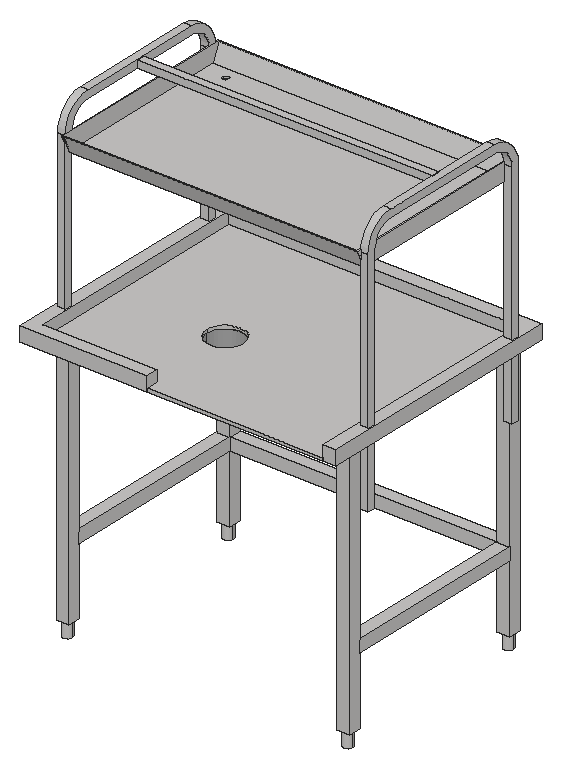
Revit family "QF_ELECTROLUXPROFESSIONAL_865335_BHST1008L", category Attrezzature speciali, Revit 2020
Family settings
  Quota connettore circolare = Usa diametro
  Tipo di parte = Normale
  Basato su piano di lavoro = No
  Sempre verticale = Sì
  Taglio con vuoti quando caricato = No
  Condiviso = No
  Punto di calcolo locali = No
Parameters (values of type "Standard")
  Weight = 8.00 kg
  Watts = 0 W
  Volts = 0 V
  URL Manufacturer = "https://www.electroluxprofessional.com/"
  URL = "https://www.electroluxprofessional.com/"
  Steam Supply Size = 0 mm
  Steam Supply Minimum Pressure = 0.0 Pa
  Steam Supply Maximum Pressure = 0.0 Pa
  Steam Consumption per Hour = 0
  Refrigeration Suction Line Size = 0 mm
  Refrigeration Liquid Line Size = 0 mm
  Refrigerant Compressor Remote = yes
  Prospetto di default = 0 mm
  Produttore = "Electrolux Professional"
  Phase = 0
  Modello = "BHST1008L"
  Length Actual = 1000 mm  # constant formula
  Item Number = "865335"
  Hot Water Size = 0 mm
  Height Actual = 1551 mm  # constant formula
  HP = "0 HP"
  Gas Size = 0 mm
  Gas KW = 0
  Gas Input Pressure = 0 W
  Direct Waste Size = 0 mm
  Description = "SORTING TABLE, LEFT>RIGHT, 1000X800 MM "
  Depth Actual = 800 mm  # constant formula
  Cycle = 0 Hz
  Condensate Return Size = 0 mm
  Compressed Air Volume = 0.0 L/s
  Compressed Air Size = 0 mm
  Compressed Air Pressure = 0.0 Pa
  Cold Water Size = 0 mm
  Accessory = yes
Reference planes
  plane 1 "Centro (Fronte/Retro)": y = 0
  plane 2: z = 0
  plane 3 "Centro (Sinistra/Destra)": x = 0
  plane 4: x = 500
  plane 5: z = 1492
  plane 6: x = 20
  plane 7: y = -379.5
  plane 8: x = 56
  plane 9: x = 944
  plane 10: y = -60
  plane 11: y = -695
Forms (mm)
  Extrusion 1, solid, material "QF_Finishes_Stainless Steel"
    sketch origin (-76, -40, 0) x (1, 0, 0) y (0, 1, 0)
      loop
        line (1000, 0) -> (1000, -40) -> (1040, -40) -> (1040, 0) -> (1000, 0)
    from 45 to 865
  Extrusion 2, solid, material "QF_Finishes_Stainless Steel"
    sketch origin (-76, -40, 0) x (1, 0, 0) y (0, 1, 0)
      loop
        circle (1020, -20) r 15
    from 0 to 45
  Extrusion 3, solid, material "QF_Finishes_Stainless Steel"
    sketch origin (-76, -675, 0) x (1, 0, 0) y (0, 1, 0)
      loop
        line (1000, 0) -> (1000, -40) -> (1040, -40) -> (1040, 0) -> (1000, 0)
    from 45 to 865
  Extrusion 4, solid, material "QF_Finishes_Stainless Steel"
    sketch origin (-76, -675, 0) x (1, 0, 0) y (0, 1, 0)
      loop
        circle (1020, -20) r 15
    from 0 to 45
  Extrusion 5, solid, material "QF_Finishes_Stainless Steel"
    sketch origin (-964, -40, 0) x (1, 0, 0) y (0, 1, 0)
      loop
        line (1000, 0) -> (1000, -40) -> (1040, -40) -> (1040, 0) -> (1000, 0)
    from 45 to 865
  Extrusion 6, solid, material "QF_Finishes_Stainless Steel"
    sketch origin (-964, -40, 0) x (1, 0, 0) y (0, 1, 0)
      loop
        circle (1020, -20) r 15
    from 0 to 45
  Extrusion 7, solid, material "QF_Finishes_Stainless Steel"
    sketch origin (-964, -675, 0) x (1, 0, 0) y (0, 1, 0)
      loop
        line (1000, 0) -> (1000, -40) -> (1040, -40) -> (1040, 0) -> (1000, 0)
    from 45 to 865
  Extrusion 8, solid, material "QF_Finishes_Stainless Steel"
    sketch origin (-964, -675, 0) x (1, 0, 0) y (0, 1, 0)
      loop
        circle (1020, -20) r 15
    from 0 to 45
  Extrusion 9, solid, material "QF_Finishes_Stainless Steel"
    sketch origin (0, 0, 0) x (1, 0, 0) y (0, 0, 1)
      loop
        line (76, 259.624) -> (924, 259.624) -> (924, 299.579) -> (76, 299.579) -> (76, 259.624)
    from 40 to 80
  Extrusion 10, solid, material "QF_Finishes_Stainless Steel"
    sketch origin (36, 0, 0) x (0, 1, 0) y (0, 0, 1)
      loop
        line (-80, 299.579) -> (-675, 299.579) -> (-675, 259.579) -> (-80, 259.579) -> (-80, 299.579)
    from 0 to 40
  Extrusion 11, solid, material "QF_Finishes_Stainless Steel"
    sketch origin (964, 0, 0) x (0, 1, 0) y (0, 0, -1)
      loop
        line (-80, -299.579) -> (-80, -259.579) -> (-675, -259.579) -> (-675, -299.579) -> (-80, -299.579)
    from 0 to 40
  Sweep 12, solid, material "QF_Finishes_Stainless Steel"
    path origin (0, 0, -12) x (0, 1, 0) y (0, 0, 1)
      loop
        line (-95, 682) -> (-95, 1412)
        arc (-95, 1412) -> (-118.431, 1468.569) -> (-175, 1492) r 80
        line (-175, 1492) -> (-584, 1492)
        arc (-584, 1492) -> (-640.569, 1468.569) -> (-664, 1412) r 80
        line (-664, 1412) -> (-664, 682)
    profile origin (0, -95, 1035) x (0, -1, 0) y (1, 0, 0)
      loop
        line (-12, 8) -> (12, 8) -> (12, 32) -> (-12, 32) -> (-12, 8)
  Extrusion 13, solid, material "QF_Finishes_Stainless Steel"
    sketch origin (0, 0, -12) x (0, 1, 0) y (0, 0, 1)
      loop
        line (-367.5, 1504) -> (-391.5, 1504) -> (-391.5, 1480) -> (-367.5, 1480) -> (-367.5, 1504)
    from 32 to 968
  Sweep 14, solid, material "QF_Finishes_Stainless Steel"
    path origin (1000, 0, -12) x (0, 1, 0) y (0, 0, -1)
      loop
        line (-95, -682) -> (-95, -1412)
        arc (-95, -1412) -> (-118.431, -1468.569) -> (-175, -1492) r 80
        line (-175, -1492) -> (-584, -1492)
        arc (-584, -1492) -> (-640.569, -1468.569) -> (-664, -1412) r 80
        line (-664, -1412) -> (-664, -682)
    profile origin (1000, -95, 1035) x (0, 1, 0) y (-1, 0, 0)
      loop
        line (12, 8) -> (12, 32) -> (-12, 32) -> (-12, 8) -> (12, 8)
  Extrusion 15, void
    sketch origin (1000, 0, 0) x (-1, 0, 0) y (0, -1, 0)
      loop
        circle (610, 490) r 58
    from 674.596 to 947.421
  Extrusion 16, solid, material "QF_Finishes_Stainless Steel"
    sketch origin (1000, 0, 865) x (-1, 0, 0) y (0, -1, 0)
      loop
        line (0, 0) -> (1000, 0) -> (1000, 814) -> (600, 814) -> (600, 774) -> (960, 774) -> (960, 40) -> (40, 40) -> (40, 814) -> (0, 814) -> (0, 0)
    from 0 to 45
  Extrusion 17, solid, material "QF_Finishes_Stainless Steel"
    sketch origin (1000, 0, 865) x (-1, 0, 0) y (0, -1, 0)
      loop
        line (40, 814) -> (40, 40) -> (960, 40) -> (960, 774) -> (600, 774) -> (600, 814) -> (40, 814)
    from 0 to 10
  Extrusion 18, void
    sketch origin (32, 0, -6.687) x (0, 1, 0) y (0, 0, 1)
      loop
        line (-56.629, 1444.891) -> (-702.371, 1444.891) -> (-663.034, 1360.532) -> (-95.966, 1360.532) -> (-56.629, 1444.891)
    from 3.287 to 932.889
  Extrusion 19, solid, material "QF_Finishes_Stainless Steel"
    sketch origin (32, 0, -12) x (0, 1, 0) y (0, 0, 1)
      loop
        line (-70.92, 1418.976) -> (-688.08, 1418.976) -> (-661.76, 1362.532) -> (-97.24, 1362.532) -> (-70.92, 1418.976)
    from 0 to 936
  Extrusion 20, void
    sketch origin (0, 0, -12) x (1, 0, 0) y (0, 1, 0)
      loop
        circle (108.268, -136.161) r 12
    from 1301.755 to 1377.519
  Extrusion 21, solid, material "QF_Finishes_Stainless Steel"
    sketch origin (0, 0, -12) x (1, 0, 0) y (0, 1, 0)
      loop
        circle (108.21, -136.146) r 13
    from 1316.037 to 1362.532
  Extrusion 22, void
    sketch origin (0, 0, -12) x (1, 0, 0) y (0, 1, 0)
      loop
        circle (108.268, -136.161) r 10
    from 1301.755 to 1377.519
Cuts and joins
  Extrusion 15 cuts Extrusion 17
  Extrusion 18, Extrusion 22 cuts Extrusion 19
  Extrusion 20 cuts Extrusion 21
Dimensions and locks
  Extrusion 2 to Extrusion 1 = 45 mm
  plane 5 to level = 1492 mm  (x2)
  Sweep 12 to Sweep 12 = 545 mm
  Extrusion 3 to Extrusion 7 = 848 mm
  Extrusion 9 to Extrusion 9 = 39.955 mm
  plane 9 to plane 8 = 888 mm
  Extrusion 5 to Extrusion 7 = 595 mm
  plane 10 to plane 11 = 635 mm
  Extrusion 16 to Extrusion 16 = 1000 mm  (x2)
  Extrusion 16 to Extrusion 16 = 814 mm
  cut or joined group of Extrusion 15, Extrusion 17 to plane 1 "Centro (Fronte/Retro)" = 814 mm
  aligned and locked: level to plane 2
  aligned and locked: Extrusion 2 to Extrusion 1
  aligned and locked: Extrusion 4 to Extrusion 3
  aligned and locked: Extrusion 6 to Extrusion 5
  aligned and locked: Extrusion 8 to Extrusion 7
  aligned and locked: Extrusion 1 to Extrusion 9
  aligned and locked: Extrusion 13 to Sweep 12
Nested families
  nested 1: "FORO_IMMONDIZIE - 200" at (390, -490, 863.471) x (-1, 0, 0) z (0, 0, 1), type "FORO_IMMONDIZIE - 200"
Definition of nested family "FORO_IMMONDIZIE - 200"
  Parameters (values of type "FORO_IMMONDIZIE - 200")
    Default Elevation = 1219.2 mm
  Reference planes
    plane 1 "Centro (Fronte/Retro)": y = 0
    plane 2: z = 0
    plane 3 "Centro (Sinistra/Destra)": x = 0
    plane 4: z = -110
  Forms (mm)
    Extrusion 1, solid, not visible
      sketch origin (0, 0, 0) x (1, 0, 0) y (0, 1, 0)
        loop
          line (-1219.2, 1219.2) -> (-1219.2, -1219.2) -> (1219.2, -1219.2) -> (1219.2, 1219.2) -> (-1219.2, 1219.2)
      from 0 to -304.8
    Extrusion 2, solid
      sketch origin (0, 0, 0) x (1, 0, 0) y (0, 1, 0)
        loop
          circle (0, 0) r 60
        loop
          circle (0, 0) r 90
      from -110 to 1.529
  Dimensions and locks
    aligned and locked: plane 2 to Extrusion 1
    aligned and locked: level to Extrusion 1
